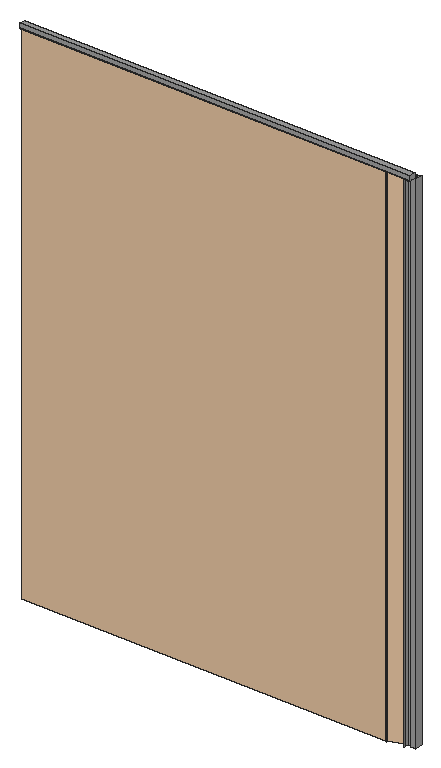
Revit family "Woodfold-Accordion-Door-Family-Series-220", category Doors, host Wall, Revit 2026 (continued)
Definition of nested family "Detail - Panel Section - Recessed Track"
  Lines and regions (in)
    detail lines, in view "Ref. Level"
      curve 8: line (46.99371, -2.28816, 0) -> (1.56879, -2.28816, 0)
      curve 9: line (46.96101, -2.25816, 0) -> (1.60149, -2.25816, 0)
      curve 10: line (1.61239, -2.17209, 0) -> (1.61239, -2.22839, 0)
      curve 11: line (1.3125, -2.17209, 0) -> (1.61239, -2.17209, 0)
      curve 12: line (1.3125, -2.40479, 0) -> (1.3125, 2.40479, 0)
      curve 13: arc (1.73233, -1.14507, 0) -> (1.71003, -1.18941, 0) -> (1.73233, -1.23375, 0) r 0.05523
      curve 14: arc (1.73233, -0.39507, 0) -> (1.71003, -0.43941, 0) -> (1.73233, -0.48375, 0) r 0.05523
      curve 15: arc (1.73233, 0.47493, 0) -> (1.71003, 0.43059, 0) -> (1.73233, 0.38625, 0) r 0.05523
      curve 16: arc (1.73233, 1.22493, 0) -> (1.71003, 1.18059, 0) -> (1.73233, 1.13625, 0) r 0.05523
      curve 17: arc (1.73233, 2.11585, 0) -> (1.71638, 2.14854, 0) -> (1.6825, 2.16176, 0) r 0.05
      curve 18: line (1.3125, 2.16176, 0) -> (1.6825, 2.16176, 0)
      curve 19: arc (1.61239, 1.34792, 0) -> (1.67239, 1.40792, 0) -> (1.61239, 1.46792, 0) r 0.06
      curve 20: arc (1.61239, 1.46792, 0) -> (1.55239, 1.40792, 0) -> (1.61239, 1.34792, 0) r 0.06
      curve 21: arc (1.61239, -1.44643, 0) -> (1.67239, -1.38643, 0) -> (1.61239, -1.32643, 0) r 0.06
      curve 22: arc (1.61239, -1.32643, 0) -> (1.55239, -1.38643, 0) -> (1.61239, -1.44643, 0) r 0.06
      curve 23: arc (1.3125, 2.199, 0) -> (1.27728, 2.28802, 0) -> (1.3125, 2.37703, 0) r 0.13011
      curve 24: line (1.33358, 2.21839, 0) -> (1.33358, 2.35623, 0)
      curve 25: line (1.33358, 2.29161, 0) -> (47.35392, 2.29161, 0)
      curve 26: line (1.37366, 2.26161, 0) -> (47.32358, 2.26161, 0)
      curve 27: line (1.73233, 2.22816, 0) -> (1.33358, 2.22816, 0)
      curve 28: arc (47.375, -2.199, 0) -> (47.41022, -2.28802, 0) -> (47.375, -2.37703, 0) r 0.13011
      curve 29: line (47.35392, -2.21839, 0) -> (47.35392, -2.35623, 0)
      curve 30: line (47.35392, -2.28816, 0) -> (47.03637, -2.28816, 0)
      curve 31: arc (47.07493, -2.22839, 0) -> (47.01689, -2.29205, 0) -> (46.95504, -2.23208, 0) r 0.06
      curve 32: line (47.315, -2.25816, 0) -> (47.06907, -2.25816, 0)
      curve 33: line (47.07493, -2.22839, 0) -> (47.35392, -2.22816, 0)
      curve 34: line (47.07511, -2.17209, 0) -> (47.07511, -2.22839, 0)
      curve 35: line (47.375, -2.17209, 0) -> (47.07511, -2.17209, 0)
      curve 36: line (47.375, -2.40479, 0) -> (47.375, 2.40479, 0)
      curve 37: arc (46.955, -1.14495, 0) -> (46.97747, -1.18941, 0) -> (46.955, -1.23387, 0) r 0.05523
      curve 38: arc (46.955, -0.39495, 0) -> (46.97747, -0.43941, 0) -> (46.955, -0.48387, 0) r 0.05523
      curve 39: arc (46.955, 0.47505, 0) -> (46.97747, 0.43059, 0) -> (46.955, 0.38613, 0) r 0.05523
      curve 40: arc (46.955, 1.22505, 0) -> (46.97747, 1.18059, 0) -> (46.955, 1.13613, 0) r 0.05523
      curve 41: arc (46.955, 2.11176, 0) -> (46.96964, 2.14712, 0) -> (47.005, 2.16176, 0) r 0.05
      curve 42: line (47.375, 2.16176, 0) -> (47.005, 2.16176, 0)
      curve 43: arc (47.07511, 1.34792, 0) -> (47.01511, 1.40792, 0) -> (47.07511, 1.46792, 0) r 0.06
      curve 44: arc (47.07511, 1.46792, 0) -> (47.13511, 1.40792, 0) -> (47.07511, 1.34792, 0) r 0.06
      curve 45: arc (47.07511, -1.44643, 0) -> (47.01511, -1.38643, 0) -> (47.07511, -1.32643, 0) r 0.06
      curve 46: arc (47.07511, -1.32643, 0) -> (47.13511, -1.38643, 0) -> (47.07511, -1.44643, 0) r 0.06
      curve 47: arc (47.375, 2.199, 0) -> (47.41022, 2.28802, 0) -> (47.375, 2.37703, 0) r 0.13011
      curve 48: line (47.35392, 2.21839, 0) -> (47.35392, 2.35623, 0)
      curve 49: line (47.35392, 2.22816, 0) -> (46.955, 2.22816, 0)
      curve 94: line (48, -2.40479, 0) -> (48, 2.34521, 0)
      curve 96: line (46.955, -2.23208, 0) -> (46.955, 2.11176, 0)
      curve 98: line (1.73233, -2.22816, 0) -> (1.73233, 2.11585, 0)
    detail lines, in view "Ref. Level", not visible
      curve 50: arc (0, -2.199, 0) -> (-0.03522, -2.28802, 0) -> (0, -2.37703, 0) r 0.13011
      curve 51: line (0.02108, -2.21839, 0) -> (0.02108, -2.35623, 0)
      curve 52: line (0.02108, -2.28816, 0) -> (0.33863, -2.28816, 0)
      curve 53: arc (0.30007, -2.22839, 0) -> (0.36007, -2.29208, 0) -> (0.41983, -2.22816, 0) r 0.06
      curve 54: line (0.06, -2.25816, 0) -> (0.30593, -2.25816, 0)
      curve 55: line (0.30007, -2.22839, 0) -> (0.02108, -2.22816, 0)
      curve 56: line (0.29989, -2.17209, 0) -> (0.29989, -2.22839, 0)
      curve 57: line (0, -2.17209, 0) -> (0.29989, -2.17209, 0)
      curve 58: line (0, -2.40479, 0) -> (0, 2.40479, 0)
      curve 59: arc (0.41983, -1.14507, 0) -> (0.39753, -1.18941, 0) -> (0.41983, -1.23375, 0) r 0.05523
      curve 60: arc (0.41983, -0.39507, 0) -> (0.39753, -0.43941, 0) -> (0.41983, -0.48375, 0) r 0.05523
      curve 61: arc (0.41983, 0.47493, 0) -> (0.39753, 0.43059, 0) -> (0.41983, 0.38625, 0) r 0.05523
      curve 62: arc (0.41983, 1.22493, 0) -> (0.39753, 1.18059, 0) -> (0.41983, 1.13625, 0) r 0.05523
      curve 63: arc (0.41983, 2.11585, 0) -> (0.40388, 2.14854, 0) -> (0.37, 2.16176, 0) r 0.05
      curve 64: line (0, 2.16176, 0) -> (0.37, 2.16176, 0)
      curve 65: arc (0.29989, 1.34792, 0) -> (0.35989, 1.40792, 0) -> (0.29989, 1.46792, 0) r 0.06
      curve 66: arc (0.29989, 1.46792, 0) -> (0.23989, 1.40792, 0) -> (0.29989, 1.34792, 0) r 0.06
      curve 67: arc (0.29989, -1.44643, 0) -> (0.35989, -1.38643, 0) -> (0.29989, -1.32643, 0) r 0.06
      curve 68: arc (0.29989, -1.32643, 0) -> (0.23989, -1.38643, 0) -> (0.29989, -1.44643, 0) r 0.06
      curve 69: arc (0, 2.199, 0) -> (-0.03522, 2.28802, 0) -> (0, 2.37703, 0) r 0.13011
      curve 70: line (0.02108, 2.21839, 0) -> (0.02108, 2.35623, 0)
      curve 71: line (0.41983, 2.22816, 0) -> (0.02108, 2.22816, 0)
      curve 72: arc (8.68994, -2.199, 0) -> (8.72516, -2.28802, 0) -> (8.68994, -2.37703, 0) r 0.13011
      curve 73: line (8.66886, -2.21839, 0) -> (8.66886, -2.35623, 0)
      curve 74: line (8.66886, -2.28816, 0) -> (8.35131, -2.28816, 0)
      curve 75: arc (8.38987, -2.22839, 0) -> (8.33183, -2.29205, 0) -> (8.26998, -2.23208, 0) r 0.06
      curve 76: line (8.62994, -2.25816, 0) -> (8.38402, -2.25816, 0)
      curve 77: line (8.38987, -2.22839, 0) -> (8.66886, -2.22816, 0)
      curve 78: line (8.39005, -2.17209, 0) -> (8.39005, -2.22839, 0)
      curve 79: line (8.68994, -2.17209, 0) -> (8.39005, -2.17209, 0)
      curve 80: line (8.68994, -2.40479, 0) -> (8.68994, 2.40479, 0)
      curve 81: arc (8.26994, -1.14495, 0) -> (8.29241, -1.18941, 0) -> (8.26994, -1.23387, 0) r 0.05523
      curve 82: arc (8.26994, -0.39495, 0) -> (8.29241, -0.43941, 0) -> (8.26994, -0.48387, 0) r 0.05523
      curve 83: arc (8.26994, 0.47505, 0) -> (8.29241, 0.43059, 0) -> (8.26994, 0.38613, 0) r 0.05523
      curve 84: arc (8.26994, 1.22505, 0) -> (8.29241, 1.18059, 0) -> (8.26994, 1.13613, 0) r 0.05523
      curve 85: arc (8.26994, 2.11176, 0) -> (8.28459, 2.14712, 0) -> (8.31994, 2.16176, 0) r 0.05
      curve 86: line (8.68994, 2.16176, 0) -> (8.31994, 2.16176, 0)
      curve 87: arc (8.39005, 1.34792, 0) -> (8.33005, 1.40792, 0) -> (8.39005, 1.46792, 0) r 0.06
      curve 88: arc (8.39005, 1.46792, 0) -> (8.45005, 1.40792, 0) -> (8.39005, 1.34792, 0) r 0.06
      curve 89: arc (8.39005, -1.44643, 0) -> (8.33005, -1.38643, 0) -> (8.39005, -1.32643, 0) r 0.06
      curve 90: arc (8.39005, -1.32643, 0) -> (8.45005, -1.38643, 0) -> (8.39005, -1.44643, 0) r 0.06
      curve 91: arc (8.68994, 2.199, 0) -> (8.72516, 2.28802, 0) -> (8.68994, 2.37703, 0) r 0.13011
      curve 92: line (8.66886, 2.21839, 0) -> (8.66886, 2.35623, 0)
      curve 93: line (8.66886, 2.22816, 0) -> (8.26994, 2.22816, 0)
      curve 95: line (9.31494, -2.40479, 0) -> (9.31494, 2.34521, 0)
      curve 97: line (8.26994, -2.23208, 0) -> (8.26994, 2.11176, 0)
      curve 99: line (0.41983, -2.22816, 0) -> (0.41983, 2.11585, 0)
  Dimensions and locks (in)
    "built-in parameter 1001306": plane 3 "Left" to plane 4 "Right"
    locked: plane 5 to plane 4 "Right" at 1.045
    aligned and locked: plane 1 "Center (Front/Back)" to curve 1
    aligned and locked: plane 4 "Right" to curve 1
    aligned and locked: plane 3 "Left" to curve 1
    aligned and locked: curve 94 to plane 4 "Right"
    aligned and locked: Filled region 1 to plane 5
    aligned and locked: curve 24 to curve 25
    aligned and locked: curve 8 to curve 4
    aligned and locked: curve 12 to nested 1
    aligned and locked: Filled region 1 to curve 98
  Automatic sketch dimensions
    plane 1 "Center (Front/Back)" to Filled region 1 sketch curve = 0' - 2.22816"
    Filled region 1 sketch curve to plane 1 "Center (Front/Back)" = 0' - 2.2317"
    plane 3 "Left" to Filled region 1 sketch curve = 3' - 10.955"
    plane 3 "Left" to Filled region 1 sketch curve = 0' - 1.73233"
    curve 38 to curve 39 = 0' - 0"
    curve 40 to curve 39 = 0' - 0"
    curve 38 to curve 37 = 0' - 0"
    curve 49 to curve 40 = 0' - 0"
    curve 37 to curve 37 = 0' - 0.03276"
    curve 49 to curve 41 = 0' - 0"
    curve 37 to curve 31 = 0' - 0.00004"
    curve 41 to curve 41 = 0' - 0.05"
    curve 42 to curve 41 = 0' - 0"
    curve 31 to curve 30 = 0' - 0.02133"
    curve 30 to curve 32 = 0' - 0.0327"
    curve 32 to curve 33 = 0' - 0.00585"
    curve 37 to curve 46 = 0' - 0.12011"
    curve 40 to curve 43 = 0' - 0.12011"
    curve 31 to curve 35 = 0' - 0.00018"
    curve 42 to curve 47 = 0' - 0.27511"
    curve 32 to curve 28 = 0' - 0.21103"
    curve 28 to curve 32 = 0' - 0.03489"
    curve 47 to curve 48 = 0' - 0.07381"
    curve 32 to curve 29 = 0' - 0.03892"
    curve 29 to curve 28 = 0' - 0.02108"
    curve 47 to curve 94 = 0' - 0 5/8"
    curve 36 to curve 94 = 0' - 0"
    curve 36 to curve 28 = 0' - 0.02776"
    curve 28 to curve 29 = 0' - 0.0208"
    curve 29 to curve 30 = 0' - 0.06807"
    curve 30 to curve 28 = 0' - 0.00014"
    curve 30 to curve 32 = 0' - 0.03"
    curve 31 to curve 34 = 0' - 0"
    curve 33 to curve 29 = 0' - 0.00977"
    curve 34 to curve 34 = 0' - 0.0563"
    curve 34 to curve 46 = 0' - 0.72566"
    curve 45 to curve 45 = 0' - 0.06"
    curve 45 to curve 37 = 0' - 0.09256"
    curve 37 to curve 37 = 0' - 0.04446"
    curve 37 to curve 38 = 0' - 0.66108"
    curve 38 to curve 38 = 0' - 0.04446"
    curve 38 to curve 39 = 0' - 0.78108"
    curve 39 to curve 39 = 0' - 0.04446"
    curve 39 to curve 40 = 0' - 0.66108"
    curve 40 to curve 40 = 0' - 0.04446"
    curve 40 to curve 43 = 0' - 0.12287"
    curve 43 to curve 44 = 0' - 0.06"
    curve 43 to curve 41 = 0' - 0.64384"
    curve 41 to curve 42 = 0' - 0"
    curve 42 to curve 47 = 0' - 0.03724"
    curve 47 to curve 48 = 0' - 0.01939"
    curve 42 to curve 49 = 0' - 0 17/256"
    curve 49 to curve 47 = 0' - 0.05986"
    curve 94 to curve 47 = 0' - 0.03183"
    curve 48 to curve 47 = 0' - 0.0208"
    curve 47 to curve 36 = 0' - 0.02776"
    curve 82 to curve 83 = 0' - 0"
    curve 84 to curve 83 = 0' - 0"
    curve 82 to curve 81 = 0' - 0"
    curve 93 to curve 84 = 0' - 0"
    curve 81 to curve 81 = 0' - 0.03276"
    curve 93 to curve 85 = 0' - 0"
    curve 81 to curve 75 = 0' - 0.00004"
    curve 85 to curve 85 = 0' - 0.05"
    curve 86 to curve 85 = 0' - 0"
    curve 75 to curve 74 = 0' - 0.02133"
    curve 74 to curve 76 = 0' - 0.0327"
    curve 76 to curve 77 = 0' - 0.00585"
    curve 81 to curve 90 = 0' - 0.12011"
    curve 84 to curve 87 = 0' - 0.12011"
    curve 75 to curve 79 = 0' - 0.00018"
    curve 86 to curve 91 = 0' - 0.27511"
    curve 76 to curve 72 = 0' - 0.21103"
    curve 72 to curve 76 = 0' - 0.03489"
    curve 91 to curve 92 = 0' - 0.07381"
    curve 76 to curve 73 = 0' - 0.03892"
    curve 73 to curve 72 = 0' - 0.02108"
    curve 91 to curve 95 = 0' - 0 5/8"
    curve 80 to curve 95 = 0' - 0"
    curve 80 to curve 72 = 0' - 0.02776"
    curve 72 to curve 73 = 0' - 0.0208"
    curve 73 to curve 74 = 0' - 0.06807"
    curve 74 to curve 72 = 0' - 0.00014"
    curve 74 to curve 76 = 0' - 0.03"
    curve 75 to curve 78 = 0' - 0"
    curve 77 to curve 73 = 0' - 0.00977"
    curve 78 to curve 78 = 0' - 0.0563"
    curve 78 to curve 90 = 0' - 0.72566"
    curve 89 to curve 89 = 0' - 0.06"
    curve 89 to curve 81 = 0' - 0.09256"
    curve 81 to curve 81 = 0' - 0.04446"
    curve 81 to curve 82 = 0' - 0.66108"
    curve 82 to curve 82 = 0' - 0.04446"
    curve 82 to curve 83 = 0' - 0.78108"
    curve 83 to curve 83 = 0' - 0.04446"
    curve 83 to curve 84 = 0' - 0.66108"
    curve 84 to curve 84 = 0' - 0.04446"
    curve 84 to curve 87 = 0' - 0.12287"
    curve 87 to curve 88 = 0' - 0.06"
    curve 87 to curve 85 = 0' - 0.64384"
    curve 85 to curve 86 = 0' - 0"
    curve 86 to curve 91 = 0' - 0.03724"
    curve 91 to curve 92 = 0' - 0.01939"
    curve 86 to curve 93 = 0' - 0 17/256"
    curve 93 to curve 91 = 0' - 0.05986"
    curve 95 to curve 91 = 0' - 0.03183"
    curve 92 to curve 91 = 0' - 0.0208"
    curve 91 to curve 80 = 0' - 0.02776"
    curve 43 to curve 44 = 0' - 0"  (x2)
    curve 45 to curve 46 = 0' - 0"  (x2)
    curve 96 to curve 31 = 0' - 0"
    curve 96 to curve 41 = 0' - 0"
    curve 87 to curve 88 = 0' - 0"  (x2)
    curve 89 to curve 90 = 0' - 0"  (x2)
    curve 97 to curve 75 = 0' - 0"
    curve 97 to curve 85 = 0' - 0"
    curve 25 to curve 26 = 0' - 0.04008"
    plane 3 "Left" to curve 8 = 0' - 1.56879"
    curve 8 to curve 9 = 0' - 0.0327"
    curve 9 to plane 5 = 0' - 0.00601"
    curve 8 to plane 5 = 0' - 0.03871"
    curve 26 to plane 5 = 0' - 0.36858"
    curve 26 to curve 25 = 0' - 0.03034"
    curve 8 to curve 9 = 0' - 0.03"
    curve 26 to plane 1 "Center (Front/Back)" = 0' - 2.26161"
    curve 26 to curve 25 = 0' - 0.03"
    curve 23 to curve 24 = 0' - 0.02108"
    curve 2 to curve 3 = 0' - 0.02108"
    curve 4 to curve 6 = 0' - 0.03892"
    curve 27 to curve 23 = 0' - 0.07381"
    curve 6 to curve 2 = 0' - 0.03489"
    curve 2 to curve 10 = 0' - 0.205"
    curve 18 to curve 19 = 0' - 0.29989"
    curve 10 to curve 22 = 0' - 0"
    curve 10 to curve 5 = 0' - 0.00018"
    curve 5 to curve 6 = 0' - 0.00585"
    curve 6 to curve 4 = 0' - 0.0327"
    curve 4 to curve 5 = 0' - 0.02133"
    curve 23 to curve 18 = 0' - 0.27511"
    curve 17 to curve 18 = 0' - 0"  (x2)
    curve 17 to curve 17 = 0' - 0.04983"
    curve 18 to curve 27 = 0' - 0.04983"
    curve 16 to curve 16 = 0' - 0.03293"
    curve 13 to curve 13 = 0' - 0.03293"
    curve 15 to curve 15 = 0' - 0.03293"
    curve 14 to curve 14 = 0' - 0.03293"
    curve 12 to curve 2 = 0' - 0.02776"
    curve 2 to curve 3 = 0' - 0.0208"
    curve 3 to curve 4 = 0' - 0.06807"
    curve 4 to curve 2 = 0' - 0.00014"
    curve 4 to curve 6 = 0' - 0.03"
    curve 7 to curve 10 = 0' - 0"
    curve 7 to curve 3 = 0' - 0.00977"
    curve 10 to curve 11 = 0' - 0.0563"
    curve 10 to curve 22 = 0' - 0.72566"
    curve 21 to curve 22 = 0' - 0.06"
    curve 21 to curve 13 = 0' - 0.09268"
    curve 13 to curve 13 = 0' - 0.04434"
    curve 13 to curve 14 = 0' - 0.66132"
    curve 14 to curve 14 = 0' - 0.04434"
    curve 14 to curve 15 = 0' - 0.78133"
    curve 15 to curve 15 = 0' - 0.04434"
    curve 15 to curve 16 = 0' - 0.66132"
    curve 16 to curve 16 = 0' - 0.04434"
    curve 16 to curve 19 = 0' - 0.12299"
    curve 19 to curve 20 = 0' - 0.06"
    curve 19 to curve 17 = 0' - 0.64384"
    curve 17 to curve 17 = 0' - 0.00409"
    curve 18 to curve 23 = 0' - 0.03724"
    curve 23 to curve 24 = 0' - 0.01939"
    curve 24 to curve 27 = 0' - 0.00977"
    curve 27 to curve 23 = 0' - 0.05986"
    curve 24 to curve 23 = 0' - 0.0208"
    curve 23 to curve 12 = 0' - 0.02776"
    curve 19 to curve 20 = 0' - 0"  (x2)
    curve 21 to curve 22 = 0' - 0"  (x2)
    curve 69 to curve 70 = 0' - 0.02108"
    curve 50 to curve 51 = 0' - 0.02108"
    curve 52 to curve 54 = 0' - 0.03892"
    curve 71 to curve 69 = 0' - 0.07381"
    curve 54 to curve 50 = 0' - 0.03489"
    curve 50 to curve 56 = 0' - 0.205"
    curve 64 to curve 65 = 0' - 0.29989"
    curve 56 to curve 68 = 0' - 0"
    curve 56 to curve 53 = 0' - 0.00018"
    curve 53 to curve 54 = 0' - 0.00585"
    curve 54 to curve 52 = 0' - 0.0327"
    curve 52 to curve 53 = 0' - 0.02133"
    curve 69 to curve 64 = 0' - 0.27511"
    curve 63 to curve 64 = 0' - 0"  (x2)
    curve 63 to curve 63 = 0' - 0.04983"
    curve 64 to curve 71 = 0' - 0.04983"
    curve 62 to curve 62 = 0' - 0.03293"
    curve 59 to curve 59 = 0' - 0.03293"
    curve 61 to curve 61 = 0' - 0.03293"
    curve 60 to curve 60 = 0' - 0.03293"
    curve 58 to curve 50 = 0' - 0.02776"
    curve 50 to curve 51 = 0' - 0.0208"
    curve 51 to curve 52 = 0' - 0.06807"
    curve 52 to curve 50 = 0' - 0.00014"
    curve 52 to curve 54 = 0' - 0.03"
    curve 55 to curve 56 = 0' - 0"
    curve 55 to curve 51 = 0' - 0.00977"
    curve 56 to curve 57 = 0' - 0.0563"
    curve 56 to curve 68 = 0' - 0.72566"
    curve 67 to curve 68 = 0' - 0.06"
    curve 67 to curve 59 = 0' - 0.09268"
    curve 59 to curve 59 = 0' - 0.04434"
    curve 59 to curve 60 = 0' - 0.66132"
    curve 60 to curve 60 = 0' - 0.04434"
    curve 60 to curve 61 = 0' - 0.78133"
    curve 61 to curve 61 = 0' - 0.04434"
    curve 61 to curve 62 = 0' - 0.66132"
    curve 62 to curve 62 = 0' - 0.04434"
    curve 62 to curve 65 = 0' - 0.12299"
    curve 65 to curve 66 = 0' - 0.06"
    curve 65 to curve 63 = 0' - 0.64384"
    curve 63 to curve 63 = 0' - 0.00409"
    curve 64 to curve 69 = 0' - 0.03724"
    curve 69 to curve 70 = 0' - 0.01939"
    curve 70 to curve 71 = 0' - 0.00977"
    curve 71 to curve 69 = 0' - 0.05986"
    curve 70 to curve 69 = 0' - 0.0208"
    curve 69 to curve 58 = 0' - 0.02776"
    curve 65 to curve 66 = 0' - 0"  (x2)
    curve 67 to curve 68 = 0' - 0"  (x2)
  Nested families (in)
    nested 1: "Detail Recessed Track" at (0, 0, 0) x (-1, 0, 0) z (0, 0, 1), type "Detail Track", in view "Ref. Level"
  Definition of nested family "Detail Recessed Track"
    Parameters
      Assembly Code = ""
    Reference planes (in)
      plane 1 "Center (Front/Back)": y = 0
      plane 2: z = 0
      plane 3 "Center (Left/Right)": x = 0
    Lines and regions (in)
      detail lines, in view "Ref. Level"
        curve 1: line (-0.9375, 0.5625, 0) -> (-0.125, 0.5625, 0)
        curve 2: line (-0.125, -0.5625, 0) -> (-0.9375, -0.5625, 0)
        curve 3: line (-0.125, 0.5625, 0) -> (-0.125, -0.5625, 0)
        curve 4: line (-1.0625, -0.4375, 0) -> (-1.0625, -0.3125, 0)
        curve 5: line (-1.3125, -0.15789, 0) -> (-1.3125, 0.15789, 0)
        curve 6: line (-1.3125, 0.15789, 0) -> (-0.8125, 0.15789, 0)
        curve 7: line (-1.3125, -0.15789, 0) -> (-0.8125, -0.15789, 0)
        curve 8: line (-1.0625, -0.4375, 0) -> (-0.9375, -0.5625, 0)
        curve 9: line (-1.0625, -0.3125, 0) -> (-0.90789, -0.15789, 0)
        curve 10: line (-1.0625, 0.4375, 0) -> (-1.0625, 0.3125, 0)
        curve 11: line (-1.0625, 0.4375, 0) -> (-0.9375, 0.5625, 0)
        curve 12: line (-1.0625, 0.3125, 0) -> (-0.90789, 0.15789, 0)
        curve 13: line (-0.88572, 0.4375, 0) -> (-0.25, 0.4375, 0)
        curve 14: line (-0.25, 0.4375, 0) -> (-0.25, -0.4375, 0)
        curve 15: line (-0.25, -0.4375, 0) -> (-0.88572, -0.4375, 0)
        curve 16: line (-0.9375, -0.38572, 0) -> (-0.88572, -0.4375, 0)
        curve 17: line (-0.9375, -0.38572, 0) -> (-0.9375, -0.36428, 0)
        curve 18: line (-0.9375, -0.36428, 0) -> (-0.81951, -0.24628, 0)
        curve 19: line (-0.9375, 0.36428, 0) -> (-0.81951, 0.24628, 0)
        curve 20: line (-0.9375, 0.38572, 0) -> (-0.9375, 0.36428, 0)
        curve 21: line (-0.9375, 0.38572, 0) -> (-0.88572, 0.4375, 0)
        curve 22: line (-0.81951, -0.24628, 0) -> (-0.90789, -0.15789, 0)
        curve 23: line (-0.90789, 0.15789, 0) -> (-0.81951, 0.24628, 0)
        curve 24: line (-0.8125, -0.3125, 0) -> (-0.8125, 0.3125, 0)
        curve 25: arc (-0.33779, 0.4375, 0) -> (-0.27529, 0.375, 0) -> (-0.33779, 0.3125, 0) r 0.0625
        curve 26: line (-0.33779, 0.3125, 0) -> (-0.85749, 0.3125, 0)
        curve 27: arc (-0.85749, 0.4375, 0) -> (-0.91999, 0.375, 0) -> (-0.85749, 0.3125, 0) r 0.0625
        curve 28: arc (-0.33779, -0.4375, 0) -> (-0.27529, -0.375, 0) -> (-0.33779, -0.3125, 0) r 0.0625
        curve 29: line (-0.33779, -0.3125, 0) -> (-0.85749, -0.3125, 0)
        curve 30: arc (-0.85749, -0.4375, 0) -> (-0.91999, -0.375, 0) -> (-0.85749, -0.3125, 0) r 0.0625
        curve 31: line (-0.4375, -0.3125, 0) -> (-0.4375, 0.3125, 0)
        curve 32: line (-0.9375, 0.5625, 0) -> (-0.1875, 0.5625, 0)
        curve 33: line (-0.1875, -0.5625, 0) -> (-0.9375, -0.5625, 0)
        curve 34: line (-1.0625, -0.4375, 0) -> (-1.0625, -0.3125, 0)
        curve 35: line (-1.3125, -0.15789, 0) -> (-1.3125, 0.15789, 0)
        curve 36: line (-1.3125, 0.15789, 0) -> (-0.90789, 0.15789, 0)
        curve 37: line (-1.3125, -0.15789, 0) -> (-0.90789, -0.15789, 0)
        curve 38: line (-1.0625, -0.4375, 0) -> (-0.9375, -0.5625, 0)
        curve 39: line (-1.0625, -0.3125, 0) -> (-0.90789, -0.15789, 0)
        curve 40: line (-1.0625, 0.4375, 0) -> (-1.0625, 0.3125, 0)
        curve 41: line (-1.0625, 0.4375, 0) -> (-0.9375, 0.5625, 0)
        curve 42: line (-1.0625, 0.3125, 0) -> (-0.90789, 0.15789, 0)
        curve 43: line (-0.75, 0.65625, 0) -> (-0.75, 1.90625, 0)
        curve 44: line (-0.75, 0.65625, 0) -> (0, 0.65625, 0)
        curve 45: line (0, 0.65625, 0) -> (0, -0.65625, 0)
        curve 46: line (0, -0.65625, 0) -> (-0.75, -0.65625, 0)
        curve 47: line (-0.75, -0.65625, 0) -> (-0.75, -1.90625, 0)
        curve 48: line (-0.875, 0.5625, 0) -> (-0.875, 1.90625, 0)
        curve 49: line (-0.875, -0.5625, 0) -> (-0.875, -1.90625, 0)
        curve 50: line (-0.875, 1.90625, 0) -> (-0.75, 1.90625, 0)
        curve 51: line (-0.875, -1.90625, 0) -> (-0.75, -1.90625, 0)
    Nested families (in)
      nested 1: "Metal Screw" at (0.37615, 0, 0) x (0, 1, 0) z (0, 0, 1), type "1"", in view "Ref. Level"
    Definition of nested family "Metal Screw"
      Parameters
        Length = 0' - 1 1/2"
        Assembly Code = ""
      Reference planes (in)
        plane 1 "Center (Front/Back)": y = 0.62615
        plane 2: z = 0
        plane 3 "Center (Left/Right)": x = 0
        plane 4: y = -0.87385
      Lines and regions (in)
        Filled region 1, type "Steel", in view "Ref. Level"
          outline origin (0, 0, 0) x (1, 0, 0) y (0, 1, 0)
            loop
              line (-0.18472, 0.62615) -> (-0.0625, 0.62615) -> (-0.0625, -0.87385) -> (0, -0.93635) -> (0.0625, -0.87385) -> (0.0625, 0.62615) -> (0.18472, 0.62615)
              arc (0.18472, 0.62615) -> (0, 0.75115) -> (-0.18472, 0.62615) r 0.19899
        detail lines, in view "Ref. Level"
          curve 1: line (0.18472, 0.62615, 0) -> (0.05972, 0.62615, 0)
          curve 2: line (0.0625, 0.62615, 0) -> (0.0625, -0.87385, 0)
          curve 3: line (0.0625, -0.87385, 0) -> (0, -0.93635, 0)
          curve 4: line (-0.0625, 0.62615, 0) -> (-0.0625, -0.87385, 0)
          curve 5: line (-0.0625, -0.87385, 0) -> (0, -0.93635, 0)
          curve 7: line (-0.18472, 0.62615, 0) -> (-0.05972, 0.62615, 0)
          curve 8: arc (-0.18472, 0.62615, 0) -> (0, 0.75115, 0) -> (0.18472, 0.62615, 0) r 0.19899
        detail lines, in view "Ref. Level", not visible
          curve 6: line (0.18472, 0.8125, 0) -> (0.05972, 0.8125, 0)
          curve 9: line (-0.18472, 0.8125, 0) -> (-0.05972, 0.8125, 0)
          curve 10: arc (-0.18472, 0.8125, 0) -> (0, 0.9375, 0) -> (0.18472, 0.8125, 0) r 0.19899
          curve 11: line (0.0625, -1.18635, 0) -> (0, -1.24885, 0)
          curve 12: line (-0.0625, -1.18635, 0) -> (0, -1.24885, 0)
      Dimensions and locks (in)
        "Length": plane 1 "Center (Front/Back)" to plane 4
        aligned and locked: plane 1 "Center (Front/Back)" to curve 7
        aligned and locked: plane 4 to curve 2
        aligned and locked: plane 4 to curve 4
        aligned and locked: plane 4 to curve 3
        aligned and locked: Filled region 1 sketch curve to curve 7
        aligned and locked: Filled region 1 sketch curve to curve 4
        aligned and locked: Filled region 1 sketch curve to curve 5
        aligned and locked: Filled region 1 sketch curve to curve 3
        aligned and locked: Filled region 1 sketch curve to curve 2
        aligned and locked: Filled region 1 sketch curve to curve 1
      Automatic sketch dimensions
        curve 4 to plane 1 "Center (Front/Back)" = 0' - 0"
        curve 2 to plane 1 "Center (Front/Back)" = 0' - 0"
        curve 4 to plane 3 "Center (Left/Right)" = 0' - 0 1/16"
        plane 3 "Center (Left/Right)" to curve 2 = 0' - 0 1/16"
        curve 7 to curve 7 = 0' - 0 1/8"
        curve 7 to curve 8 = 0' - 0.05972"
        curve 8 to curve 1 = 0' - 0.05972"
        curve 1 to curve 8 = 0' - 0 1/8"
        curve 8 to curve 7 = 0' - 0.07399"
        curve 9 to curve 9 = 0' - 0 1/8"
        curve 9 to curve 10 = 0' - 0.05972"
        curve 10 to curve 6 = 0' - 0.05972"
        curve 6 to curve 10 = 0' - 0 1/8"
        curve 10 to curve 9 = 0' - 0.07399"
        Filled region 1 sketch curve to plane 3 "Center (Left/Right)" = 0' - 0"
        Filled region 1 sketch curve to Filled region 1 sketch curve = 0' - 0.12222"
        plane 1 "Center (Front/Back)" to Filled region 1 sketch curve = 0' - 0.07399"
Types (2): name | Surface Mounted Track | Recessed Track
  6'-0" x 8'-0" Surface Mounted | yes | no
  6'-0" x 8'-0" Recessed Track | no | yes
